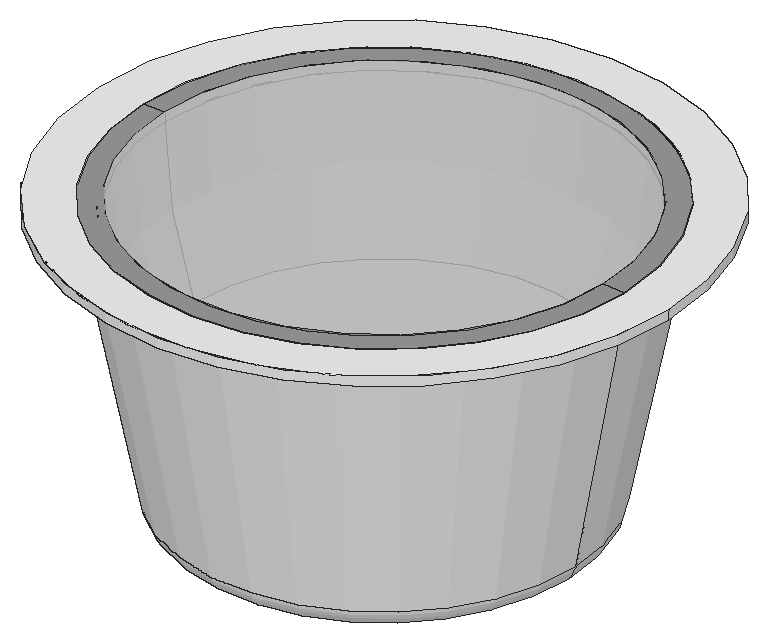
Revit family "2060561 Sylvania Lighting Fixture ASCENT 100 II ARCH 2700 3K STD EMG 160", category Lighting Fixtures, host Face, Revit 2016
Family settings
  Host = Face
  Part Type = Normal
  Round Connector Dimension = Use Diameter
  OmniClass Number = 23.80.70.11.17
  OmniClass Title = Specialized Lighting by Location or Use
  Cut with Voids When Loaded = No
  Light Source = Yes
  Shared = No
  Room Calculation Point = No
Parameters (values of type "2060561 ASCT100 II ARCH 2700 3K STD EMG 160 Emergency mode")
  WidthBezelAcc_SYL = 25.0 mm
  Weight = "1.92 kg"
  Wattage = 1.55652 W
  WarrantyStartDate [instance] = "n/a"
  WarrantyGuarantorParts = "n/a"
  WarrantyDurationUnit = "n/a"
  WarrantyDurationParts = "n/a"
  WarrantyDescription = "n/a"
  built-in parameter 1150110 = 1 (stored number, unit not read)
  Voltage = 0 V
  VisibilityAccessory_SYL = no
  TypeName = "ASCT100 II ARCH 2700 3K STD EMG 160 Emergency mode"
  built-in parameter 1114217 = 1 (stored number, unit not read)
  Tilt Angle = -90°
  built-in parameter 1150109 = 1 (stored number, unit not read)
  built-in parameter 1150134 = (empty or 0)
  built-in parameter 1150113 = 1 (stored number, unit not read)
  SerialNumber [instance] = "n/a"
  ReflectorRadius_SYL = Radius_SYL - 14.5 mm  # 80.0 mm
  RadiusAcc_SYL = 105.0 mm
  Radius_SYL = 94.5 mm
  URL = "http://www.sylvania-lighting.com"
  PowerFactor = 0
  PowerConsumption = "23 W"
  Photometric Web File = "2060561EM.ies"
  NominalWidth = 0.0 mm
  NominalLength = 0.0 mm
  NominalHeight = 94.0 mm
  Name = "ASCT100 II ARCH 2700 3K STD EMG 160 Emergency mode"
  ModelReference = "ASCT100 II ARCH 2700 3K STD EMG 160 Emergency mode"
  ModelNumber = "2060561"
  Material_4_SYL = none
  Material_3_SYL = Polycarbonate_Sylvania_Ascent_Opal
  Material_2_SYL = Aluminium_Sylvania_Ascent_Silver
  Material_1_SYL = Aluminum_Sylvania_Ascent_White
  Material = "aluminium housing, arcylic diffuser"
  ManufacturerName = "Feilo Sylvania"
  LuminousEfficacy = "115 lm/W"
  built-in parameter 1150105 = 14.244 (stored number, unit not read)
  Lumens = 179 lm
  LuminaireType = ""
  built-in parameter 1150115 = 1 (stored number, unit not read)
  LightOutputRatio = "100"
  built-in parameter 1150137 = (empty or 0)
  built-in parameter 1150139 = (empty or 0)
  LampsType = Lamp  # "LED"
  LampNominalLuminous = "2649 lm"
  LampMacAdamStep = "3"
  LampColourTemperature = "3000 K"
  LampColourRenderingIndex = "80"
  built-in parameter 1150112 = 1 (stored number, unit not read)
  built-in parameter 1150114 = 1 (stored number, unit not read)
  Keynote = "16500"
  InstallationDate [instance] = "n/a"
  InputVoltage = "n/a"
  InputNominalFrequency = "n/a"
  built-in parameter 1150132 = (empty or 0)
  built-in parameter 1150102 = (empty or 0)
  built-in parameter 1150107 = 3000 (stored number, unit not read)
  built-in parameter 1150138 = (empty or 0)
  IngressProtection = "IP40"
  ImpactProtectionIndex = "IK02"
  built-in parameter 1150106 = 0.14244 (stored number, unit not read)
  IfcExportType = "IfcLightFixtureType"
  IfcExportAs = "IfcLightFixtureType"
  Height_SYL = 94.0 mm
  HeightAcc_SYL = 7.0 mm
  ExpectedLife = 50000
  EmittionSurface_SYL = if(VisibilityAccessory_SYL, 7.0 mm, 3.0 mm)  # 3.0 mm
  Emit from Circle Diameter = DiffuserRadius_SYL * 2  # 146.0 mm
  Emit Shape Visible in Rendering = no
  ElectricShockClassification = "Class II"
  built-in parameter 1150104 = 10.684 (stored number, unit not read)
  DurationUnit = "hours"
  DocumentationLiterature = "http://www.sylvania-lighting.com/product/en-int/products/2060561"
  DimmingControlOptions = "n/a"
  Dimming Lamp Color Temperature Shift = <None>
  DiffuserRadius_SYL = ReflectorRadius_SYL - 7.0 mm  # 73.0 mm
  Diameter_SYL = 2 * Radius_SYL  # 189.0 mm
  CutoutDiameter_SYL = Diameter_SYL - 13.0 mm  # 176.0 mm
  CreatedOn = "9/17/2018"
  CreatedBy = "@sylvania-lighting.com"
  Color Filter = 16777215
  built-in parameter 1114216 [instance] = 1 (stored number, unit not read)
  Model = "ASCT100 II ARCH 2700 3K STD EMG 160 Emergency mode"
  Manufacturer = "Feilo Sylvania"
  Lamp = "LED"
  Description = "Direct LED retro fit for original LED 100 Arch (160) single CFL lamp offering Matching lumen levels and improved light distribution of original LED 100 CFL lamp equivalents Typically half the power consumption compared to CFL Up to 112lm/W 160mm aperture Architectural reflector accepts range of glass accessories from existing LED 100 Arch 160 offering HE, HO and VHO versions equivalent of single 1 x 18W, 1 x 32W, 1 x 42W\r\n Additional VVHO versions which offer the performance circa 2 x 32W equivalent"  # constant formula
  Default Elevation = 0.0 mm
  built-in parameter 1140040 [instance] = 1
  BarCode [instance] = "n/a"
  built-in parameter 1114218 = 1 (stored number, unit not read)
  built-in parameter 1150133 = 10 (stored number, unit not read)
  AssetType = "Fixed"
  AssetIdentifier [instance] = "n/a"
  Assembly Code = "D5020200"
  Apparent Load = 1.55652 VA
  Aperture_SYL = 2 * ReflectorRadius_SYL  # 160.0 mm
Types (2, lengths in mm): name | Wattage | TypeName | Photometric Web File | Name | ModelReference | built-in parameter 1150105 | Lumens | built-in parameter 1150106 | Model | Apparent Load
  2060561 ASCT100 II ARCH 2700 3K STD EMG 160 Emergency mode | 1.55652 W | "ASCT100 II ARCH 2700 3K STD EMG 160 Emergency mode" | "2060561EM.ies" | "ASCT100 II ARCH 2700 3K STD EMG 160 Emergency mode" | "ASCT100 II ARCH 2700 3K STD EMG 160 Emergency mode" | 14.244 (stored number, unit not read) | 179 lm | 0.14244 (stored number, unit not read) | "ASCT100 II ARCH 2700 3K STD EMG 160 Emergency mode" | 1.55652 VA
  2060561 ASCT100 II ARCH 2700 3K STD EMG 160 | 23 W | "ASCENT 100 II ARCH 2700 3K STD EMG 160" | "2060561.ies" | "ASCENT 100 II ARCH 2700 3K STD EMG 160" | "ASCENT 100 II ARCH 2700 3K STD EMG 160" | 210.48 (stored number, unit not read) | 2645 lm | 2.1048 (stored number, unit not read) | "ASCENT 100 II ARCH 2700 3K STD EMG 160" | 23 VA
Reference planes
  plane 1 "Center (Front/Back)": y = 0
  plane 2: z = 0
  plane 3 "Center (Left/Right)": x = 0
  plane 4 "Fixture Bottom": z = 3
  plane 5: z = -52.5
  plane 6 "Fixture Top": z = -91
  plane 7: x = -105
  plane 8: z = 7
  plane 9: x = -80
  plane 10: z = 5
  plane 11: x = -103
Forms (mm)
  Extrusion 1, solid, material "Aluminum_Sylvania_Ascent_White", detail levels fine
    sketch origin (0, 0, 0) x (1, 0, 0) y (0, 1, 0)
      loop
        circle (0, 0) r 94.5
      loop
        circle (0, 0) r 80
    from 0 to 3
  Extrusion 2, void
    sketch origin (0, 0, 0) x (1, 0, 0) y (0, 1, 0)
      loop
        circle (0, 0) r 88
    from -91 to 3
  Revolve 3, solid, material "Aluminum_Sylvania_Ascent_White" <- "Material_1_SYL", detail levels fine
    sketch origin (0, 0, 0) x (1, 0, 0) y (0, 0, 1)
      loop
        line (0, -91.073) -> (0, -89.023) -> (-55.468, -89.014)
        arc (-55.468, -89.014) -> (-59.352, -87.613) -> (-61.54, -84.139) r 6.307
        line (-61.54, -84.139) -> (-77.991, -2.844) -> (-77.991, 0) -> (-80, 0) -> (-80, -3) -> (-63.5, -84.536)
        arc (-63.5, -84.536) -> (-60.643, -89.203) -> (-55.5, -91.073) r 8.291
        line (-55.5, -91.073) -> (0, -91.073)
      axis (0, 0) -> (0, -91.073)
    angle from 0 to 360
  Revolve 4, solid, material "Aluminium_Sylvania_Ascent_Silver" <- "Material_2_SYL", detail levels fine
    sketch origin (0, 0, 0) x (1, 0, 0) y (0, 0, 1)
      loop
        line (-80, 3) -> (-80, 0) -> (-75, 0)
        arc (-75, 0) -> (-72.349, -26.77) -> (-64.5, -52.5) r 136.5
        line (-64.5, -52.5) -> (-58, -52.5)
        arc (-58, -52.5) -> (-56.857, -61.521) -> (-53.5, -69.971) r 36.166
        line (-53.5, -69.971) -> (0, -69.971) -> (0, -50.5) -> (-63.16, -50.5)
        arc (-63.16, -50.5) -> (-70.517, -25.725) -> (-73, 0) r 134.5
        line (-73, 0) -> (-73, 3) -> (-80, 3)
      axis (0, 3) -> (0, -69.971)
    angle from 0 to 360
  Extrusion 5, solid, material "Polycarbonate_Sylvania_Ascent_Opal" <- "Material_3_SYL", detail levels fine
    sketch origin (0, 0, 0) x (1, 0, 0) y (0, 1, 0)
      loop
        circle (0, 0) r 73
    from 0 to 3
  Revolve 6, solid, material "Aluminum_Sylvania_Ascent_White" <- "Material_1_SYL", detail levels coarse+medium
    sketch origin (0, 0, 0) x (1, 0, 0) y (0, 0, 1)
      loop
        line (0, -91.073) -> (0, 3) -> (-94.5, 3) -> (-94.5, 0) -> (-79.5, 0) -> (-79.5, -3) -> (-63, -84.536)
        arc (-63, -84.536) -> (-60.143, -89.203) -> (-55, -91.073) r 8.291
        line (-55, -91.073) -> (0, -91.073)
      axis (0, 3) -> (0, -91.073)
    angle from 0 to 360
  Revolve 7, solid, material "Aluminum_Sylvania_Ascent_White" <- "Material_1_SYL", visible <- "VisibilityAccessory_SYL"
    sketch origin (0, 0, 0) x (1, 0, 0) y (0, 0, 1)
      loop
        line (-105, 0) -> (-103, 0) -> (-103, 5) -> (-80, 5) -> (-80, 7) -> (-105, 7) -> (-105, 0)
      axis (0, 7) -> (0, 0)
    angle from 0 to 360
  Revolve 8, solid, material "Polycarbonate_Sylvania_Ascent_Opal" <- "Material_3_SYL", visible <- "VisibilityAccessory_SYL"
    sketch origin (0, 0, 0) x (1, 0, 0) y (0, 0, 1)
      loop
        line (-80, 7) -> (-80, 5) -> (0, 5) -> (0, 7) -> (-80, 7)
      axis (0, 7) -> (0, 5)
    angle from 0 to 360
Lines and regions (mm)
  reference lines
    curve 1: line (-150, 0, 3) -> (125, 0, 3)
Dimensions and locks
  locked: plane 4 "Fixture Bottom" to plane 2 at 3
  "Height_SYL": plane 4 "Fixture Bottom" to plane 6 "Fixture Top"
  "ReflectorRadius_SYL": plane 3 "Center (Left/Right)" to Revolve 4 sketch curve
  locked: Revolve 4 sketch curve to Revolve 4 sketch curve at 15.5
  locked: Revolve 4 sketch curve to Revolve 4 sketch curve at 5
  locked: Revolve 4 sketch curve to Revolve 4 sketch curve at 7
  locked: Revolve 4 sketch curve to Revolve 4 sketch curve at 22
  locked: Revolve 4 sketch curve to Revolve 4 sketch curve at 26.5
  locked: Revolve 3 sketch curve to Revolve 3 sketch curve at 16.5
  locked: Revolve 3 sketch curve to Revolve 3 sketch curve at 24.5
  "ReflectorRadius_SYL": Revolve 3 sketch curve to plane 3 "Center (Left/Right)"
  locked: Revolve 3 sketch curve to plane 6 "Fixture Top" at 6.464
  locked: plane 2 to Revolve 3 sketch curve at 3
  locked: Revolve 3 sketch curve to Revolve 3 sketch curve at 2
  locked: Revolve 3 sketch curve to Revolve 3 sketch curve at 2.009
  locked: plane 2 to plane 5 at 52.5
  locked: Revolve 6 sketch curve to Revolve 6 sketch curve at 31.5
  locked: Revolve 6 sketch curve to Revolve 6 sketch curve at 39.5
  locked: Revolve 6 sketch curve to Revolve 6 sketch curve at 15
  "Radius_SYL": plane 3 "Center (Left/Right)" to Revolve 6 sketch curve
  "RadiusAcc_SYL": plane 3 "Center (Left/Right)" to plane 7
  "HeightAcc_SYL": plane 8 to level
  "WidthBezelAcc_SYL": plane 7 to plane 9
  locked: plane 7 to plane 11 at 2
  locked: plane 8 to plane 10 at 2
  "EmittionSurface_SYL": curve 1 to level
  "CutoutDiameter_SYL": diameter of Extrusion 2 sketch curve
  "ReflectorRadius_SYL": radius of Extrusion 1 sketch curve
  "DiffuserRadius_SYL": radius of Extrusion 5 sketch curve
  "Radius_SYL": radius of Extrusion 1 sketch curve
  aligned and locked: host face to plane 2
  aligned and locked: host face to level
  aligned and locked: plane 4 "Fixture Bottom" to Extrusion 1
  aligned and locked: Extrusion 1 to plane 2
  aligned and locked: Revolve 3 sketch curve to plane 3 "Center (Left/Right)"
  aligned and locked: Revolve 4 sketch curve to plane 3 "Center (Left/Right)"  (x2)
  aligned and locked: plane 4 "Fixture Bottom" to Revolve 4 sketch curve
  aligned and locked: Extrusion 5 to plane 2
  aligned and locked: plane 2 to Revolve 3 sketch curve  (x2)
  aligned and locked: Revolve 6 sketch curve to plane 3 "Center (Left/Right)"
  aligned and locked: plane 6 "Fixture Top" to Extrusion 2
  aligned and locked: Revolve 7 sketch curve to plane 3 "Center (Left/Right)"
  aligned and locked: host face to Revolve 7 sketch curve  (x2)
  aligned and locked: Revolve 7 sketch curve to plane 7
  aligned and locked: plane 8 to Revolve 7 sketch curve
  aligned and locked: plane 9 to Revolve 7 sketch curve
  aligned and locked: Revolve 7 sketch curve to plane 10
  aligned and locked: plane 11 to Revolve 7 sketch curve
  aligned and locked: Revolve 7 to Revolve 8 sketch curve
  aligned and locked: Revolve 8 sketch curve to Revolve 7  (x2)
  aligned and locked: Revolve 8 sketch curve to plane 3 "Center (Left/Right)"  (x2)
  aligned and locked: plane 3 "Center (Left/Right)" to imposter light
  aligned and locked: imposter light to plane 1 "Center (Front/Back)"
  aligned and locked: imposter light to curve 1
Automatic sketch dimensions
  plane 1 "Center (Front/Back)" to Extrusion 2 sketch curve = 0.0 mm
  Extrusion 2 sketch curve to plane 3 "Center (Left/Right)" = 0.0 mm
  Extrusion 1 sketch curve to Extrusion 1 sketch curve = 0.0 mm  (x2)
  plane 1 "Center (Front/Back)" to Extrusion 1 sketch curve = 0.0 mm
  Extrusion 1 sketch curve to plane 3 "Center (Left/Right)" = 0.0 mm
  plane 6 "Fixture Top" to Revolve 3 sketch curve = 0.073 mm
  Revolve 3 sketch curve to plane 6 "Fixture Top" = 6.861 mm
  Revolve 3 sketch curve to Revolve 3 sketch curve = 0.003 mm
  Revolve 3 sketch curve to Revolve 3 sketch curve = 0.009 mm  (x2)
  Revolve 3 sketch curve to Revolve 3 sketch curve = 0.023 mm
  Revolve 3 sketch curve to Revolve 3 sketch curve = 0.072 mm
  Revolve 3 sketch curve to Revolve 3 sketch curve = 0.008 mm
  Revolve 3 sketch curve to plane 6 "Fixture Top" = 1.977 mm
  Revolve 3 sketch curve to Revolve 3 sketch curve = 33.496 mm
  Revolve 3 sketch curve to Revolve 3 sketch curve = 0.028 mm
  plane 4 "Fixture Bottom" to Revolve 3 sketch curve = 82.431 mm
  Revolve 4 sketch curve to Revolve 4 sketch curve = 0.0 mm  (x2)
  Revolve 4 sketch curve to plane 5 = 0.0 mm
  Revolve 4 sketch curve to level = 0.0 mm
  plane 5 to Revolve 4 sketch curve = 2.0 mm
  plane 4 "Fixture Bottom" to Revolve 4 sketch curve = 9.642 mm
  plane 1 "Center (Front/Back)" to Extrusion 5 sketch curve = 0.0 mm
  Extrusion 5 sketch curve to plane 3 "Center (Left/Right)" = 0.0 mm
  Revolve 4 sketch curve to level = 69.971 mm
  Revolve 4 sketch curve to Revolve 4 sketch curve = 2.387 mm
  Revolve 6 sketch curve to level = 0.0 mm
  Revolve 6 sketch curve to plane 3 "Center (Left/Right)" = 0.0 mm
  Revolve 6 sketch curve to Revolve 6 sketch curve = 8.104 mm
  Revolve 6 sketch curve to level = 3.0 mm
  Revolve 6 sketch curve to plane 6 "Fixture Top" = 6.464 mm
  plane 6 "Fixture Top" to Revolve 6 sketch curve = 0.073 mm
  Revolve 6 sketch curve to Revolve 6 sketch curve = 33.496 mm
  plane 4 "Fixture Bottom" to Revolve 6 sketch curve = 82.431 mm
  host sketch curve to host sketch curve = 1704.996 mm
  host sketch curve to host sketch curve = 1500.0 mm
  plane 6 "Fixture Top" to Revolve 7 sketch curve = 281.274 mm
  Revolve 7 sketch curve to plane 8 = 1140.706 mm
  plane 6 "Fixture Top" to Revolve 8 sketch curve = 281.274 mm
  Revolve 8 sketch curve to Revolve 8 sketch curve = 1140.706 mm
  Revolve 3 sketch curve to plane 3 "Center (Left/Right)" = 0.0 mm
  Revolve 6 sketch curve to plane 4 "Fixture Bottom" = 0.0 mm
  plane 7 to curve 1 = 45.0 mm
  plane 3 "Center (Left/Right)" to curve 1 = 125.0 mm
Connectors
  electrical at (0, 0, -91.073), driven by "Apparent Load"
    settings: on Revolve 3, index 1, voltage 240 V, apparent load 0 VA, apparent load phase1 1.55652 VA, apparent load phase2 0 VA, apparent load phase3 0 VA, power factor 1, load classification "Lighting", number of poles 1, system type 31, power factor state 1, is connector primary yes, connector utility no, sub classification motor no, connector description ""
